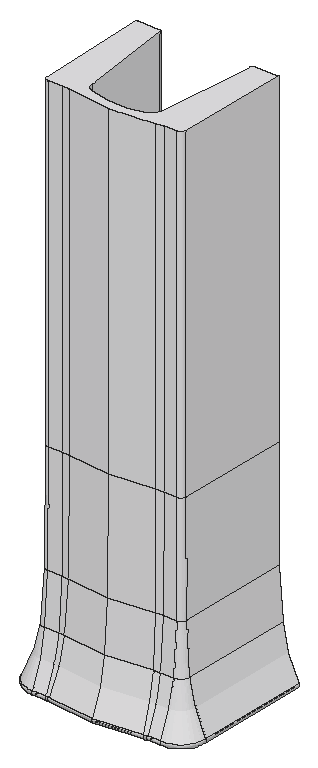
Revit family "Sink-Pedestal-KOHLER-Archer-K-2357X_1", category Specialty Equipment, host Face, Revit 2017
Family settings
  Host = Face
  Round Connector Dimension = Use Diameter
  Part Type = Normal
  OmniClass Number = 23.31.25.00
  OmniClass Title = Toilet and Bath Specialties
  Cut with Voids When Loaded = No
  Shared = No
  Room Calculation Point = No
Parameters (values of type "0-White")
  Width = 9 95/256"  # constant formula
  WaterSense Certified = 1 = 0  # no
  URL = "https://www.kohler.co.th/"
  Type = 1
  Product Page URL = "https://www.kohler.co.th/en/productDetails/2357X?skuid=2357X-0"
  Product Name = "Archer\r\n"  # constant formula
  Product Documentation Link = "http://resources.kohler.com/plumbing/kohlerapac/pdf/1129939-X4-E.pdf"
  Model = "K-2357X-0"  # constant formula
  Material = "Vitreous China"  # constant formula
  Master Format 2014 Name = "Toilet, Bath, and Laundry Accessories"  # constant formula
  Master Format 2014 = "10 28 00"  # constant formula
  Manufacturer Address = "16th Floor, Jasmine City Building 2, Soi Sukhumvit 23, Sukhumvit Road, Khlong Toei Nuea, Watthana, Bangkok 10110\r\n"  # constant formula
  Manufacturer = "KOHLER Co."  # constant formula
  Length = 7 83/256"  # constant formula
  Height = 27 185/256"  # constant formula
  Finish = Kohler-Vitreous_China-0-White
  Environmental Product Declaration = ""
  Description = "Pedestal Only\r\n"  # constant formula
  Default Elevation = 0"
  Declare Label = ""
  Date Modified = "10/06/2020"  # constant formula
  Date Created = "10/06/2020"  # constant formula
  Copyright = "Copyright KOHLER Co."  # constant formula
  Contact Us = "https://www.kohler.co.th/contact-us"
  Assembly Code = "C1030200"
  ADA Compliant = 1 = 0  # no
Reference planes (in)
  plane 1 "Center (Front/Back)": y = 0
  plane 2: z = 0
  plane 3 "Center (Left/Right)": x = 0
  plane 4: y = -2.99213
  plane 5: y = -7.32422
  plane 6: x = -4.68504
  plane 7: x = 4.68605
  plane 8: x = 3.34646
  plane 9: x = -3.34646
  plane 10: z = 27.72266
  plane 11: x = -3.50394
  plane 12: x = 3.50394
Dimensions and locks (in)
  "Width": plane 6 to plane 7
  "Length": plane 5 to plane 1 "Center (Front/Back)"
  locked: plane 9 to plane 8 at 6.69291
  locked: plane 4 to plane 1 "Center (Front/Back)" at 2.99213
  locked: plane 11 to plane 6 at 1.1811
  locked: plane 12 to plane 11 at 7.00787
  "Height": plane 10 to level
  aligned and locked: plane 2 to host face
  aligned and locked: level to host face
Automatic sketch dimensions
  host sketch curve to host sketch curve = 96"  (x2)
Nested families (in)
  nested 1: "K-2357X" at (0, 7.53658, 0) x (1, 0, 0) z (0, -1, 0), type "K-2357X"
Definition of nested family "K-2357X"
  Parameters (values of type "K-2357T")
    Material = none
    Default Elevation = 48"
  Reference planes (in)
    plane 1 "Center (Front/Back)": y = 0
    plane 2: z = 0
    plane 3 "Center (Left/Right)": x = 0
    plane 4: y = 27.72418
    plane 5: z = 7.53658
    plane 6: z = 10.52871
    plane 7: z = 14.85942
    plane 8: x = 4.68504
    plane 9: x = -4.68504
    plane 10: x = -3.34646
    plane 11: x = 3.34646
    plane 12: x = -3.50394
    plane 13: x = 3.50394
  Forms (in)
    Extrusion 1, solid, material <- "Material", detail levels medium+fine
      sketch origin (0, -0.25084, 11.125) x (1, 0, 0) y (0, 0, -1)
        loop
          arc (1.41774, -1.99919) -> (0, -2.21107) -> (-1.41774, -1.99919) r 4.84909
          arc (-1.41774, -1.99919) -> (-1.65483, -1.84077) -> (-1.76511, -1.5778) r 0.49472
          line (-1.76511, -1.5778) -> (-2.29264, 3.44138)
          arc (-2.29264, 3.44138) -> (-2.34607, 3.54624) -> (-2.45595, 3.58842) r 0.1642
          line (-2.45595, 3.58842) -> (-3.55611, 3.58842) -> (-3.45548, -2.1767)
          arc (-3.45548, -2.1767) -> (-3.40215, -2.30084) -> (-3.2771, -2.352) r 0.17841
          line (-3.2771, -2.352) -> (-2.59411, -2.352)
          arc (-2.59411, -2.352) -> (-2.40488, -2.36142) -> (-2.21752, -2.38961) r 1.90406
          arc (-2.21752, -2.38961) -> (-1.11428, -2.55558) -> (0, -2.61109) r 11.21206
          arc (0, -2.61109) -> (1.11435, -2.55557) -> (2.21767, -2.38958) r 11.21206
          arc (2.21767, -2.38958) -> (2.40486, -2.36142) -> (2.59393, -2.352) r 1.9023
          line (2.59393, -2.352) -> (3.2771, -2.352)
          arc (3.2771, -2.352) -> (3.40215, -2.30084) -> (3.45548, -2.1767) r 0.17841
          line (3.45548, -2.1767) -> (3.55611, 3.58842) -> (2.46066, 3.58842)
          arc (2.46066, 3.58842) -> (2.34728, 3.5449) -> (2.29215, 3.4367) r 0.16943
          line (2.29215, 3.4367) -> (1.76511, -1.5778)
          arc (1.76511, -1.5778) -> (1.65483, -1.84077) -> (1.41774, -1.99919) r 0.49472
      from 0.25084 to 27.97503
    Sweep 2, solid, material <- "Material", detail levels medium+fine
      path origin (0, -0.25084, 11.125) x (1, 0, 0) y (0, 0, -1)
        loop
          line (-3.62803, 3.60651) -> (-3.52706, -2.17795)
          arc (-3.52706, -2.17795) -> (-3.45233, -2.3519) -> (-3.2771, -2.42359) r 0.25
          line (-3.2771, -2.42359) -> (-2.59411, -2.42359)
          arc (-2.59411, -2.42359) -> (-2.41199, -2.43266) -> (-2.23168, -2.45979) r 1.83247
          arc (-2.23168, -2.45979) -> (-1.12139, -2.62682) -> (0, -2.68268) r 11.28365
          arc (0, -2.68268) -> (1.12147, -2.62681) -> (2.23183, -2.45976) r 11.28365
          arc (2.23183, -2.45976) -> (2.41198, -2.43265) -> (2.59393, -2.42359) r 1.83071
          line (2.59393, -2.42359) -> (3.2771, -2.42359)
          arc (3.2771, -2.42359) -> (3.45233, -2.3519) -> (3.52706, -2.17795) r 0.25
          line (3.52706, -2.17795) -> (3.62803, 3.60651)
      profile origin (0, -0.25084, 13.80768) x (0, 0, 1) y (0, 1, 0)
        loop
          arc (0.76378, 0.25084) -> (0.79318, 0.25916) -> (0.81386, 0.28166) r 0.05609
          arc (0.81386, 0.28166) -> (0.83344, 0.30296) -> (0.86128, 0.31084) r 0.05312
          line (0.86128, 0.31084) -> (0.90575, 0.31084)
          arc (0.90575, 0.31084) -> (1.03295, 0.38277) -> (1.03688, 0.52884) r 0.14844
          arc (1.03688, 0.52884) -> (0.51469, 1.77084) -> (0.22257, 3.0861) r 7.51819
          arc (0.22257, 3.0861) -> (0.09563, 4.348) -> (0.04097, 5.61509) r 22.196
          arc (0.04097, 5.61509) -> (0.01024, 8.43289) -> (0, 11.25084) r 387.66619
          line (0, 11.25084) -> (0, 27.97503) -> (-0.07159, 27.97503) -> (-0.07159, 0.25084) -> (0.76378, 0.25084)
    Sweep 3, solid, material <- "Material", detail levels coarse
      path origin (0, 0, 0.05083) x (1, 0, 0) y (0, 0, 1)
        loop
          line (4.54173, 7.53658) -> (4.42669, 14.91418) -> (-4.42669, 14.91418) -> (-4.54173, 7.53658)
      profile origin (0, 0, 14.96501) x (0, 0, -1) y (0, -1, 0)
        loop
          line (3.26025, 0) -> (0, 0)
          arc (0, 0) -> (0.83051, -3.03911) -> (1.11029, -6.1772) r 17.73887
          line (1.11029, -6.1772) -> (1.11029, -27.72418) -> (3.26025, -27.72418) -> (3.26025, 0)
    Extrusion 4, solid, material <- "Material", detail levels medium+fine
      sketch origin (0, 0, 0) x (1, 0, 0) y (0, 0, 1)
        loop
          arc (1.48024, 13.18669) -> (0.0532, 13.39856) -> (-1.37301, 13.18122) r 4.84909
          arc (-1.37301, 13.18122) -> (-1.68952, 12.96842) -> (-1.83667, 12.61655) r 0.66381
          line (-1.83667, 12.61655) -> (-2.3706, 7.53658) -> (2.37717, 7.53658) -> (1.82761, 12.7653)
          arc (1.82761, 12.7653) -> (1.71733, 13.02827) -> (1.48024, 13.18669) r 0.49472
        loop
          circle (0, 10.52871) r 0.25591
      from -0.12811 to 0
    Extrusion 5, solid, material <- "Material", detail levels coarse
      sketch origin (0, 0, 0) x (1, 0, 0) y (0, 0, 1)
        loop
          line (-1.28187, 7.53658) -> (1.28187, 7.53658) -> (1.21688, 11.70476) -> (-1.21688, 11.70476) -> (-1.28187, 7.53658)
      from -0.1601 to 0
  Cuts and joins
    joined: Extrusion 1, Sweep 2, Extrusion 4
    joined: Sweep 3, Extrusion 5
  Lines and regions (in)
    Masking region 1
      outline origin (0, 0, 0) x (0, 1, 0) y (0, 0, 1)
        loop
          line (27.72418, 13.79849) -> (8.34646, 13.79849)
          arc (8.34646, 13.79849) -> (6.0471, 13.84013) -> (3.75076, 13.96499) r 63.507
          arc (3.75076, 13.96499) -> (1.96968, 14.25253) -> (0.26603, 14.84624) r 10.30681
          arc (0.26603, 14.84624) -> (0.11338, 14.82702) -> (0.06076, 14.68244) r 0.1476
          arc (0.06076, 14.68244) -> (0.05603, 14.64179) -> (0.02826, 14.61174) r 0.06604
          arc (0.02826, 14.61174) -> (0.00759, 14.59149) -> (0, 14.56356) r 0.0552
          line (0, 14.56356) -> (0, 7.53658) -> (27.72418, 7.53658) -> (27.72418, 13.79849)
    Masking region 2
      outline origin (0, 0, 0) x (1, 0, 0) y (0, 1, 0)
        loop
          line (3.50112, 27.72418) -> (-3.50351, 27.72418) -> (-3.62803, 11)
          arc (-3.62803, 11) -> (-3.66025, 7.4068) -> (-3.7569, 3.81476) r 200.37779
          arc (-3.7569, 3.81476) -> (-3.92185, 2.41184) -> (-4.3114, 1.05404) r 8.71028
          arc (-4.3114, 1.05404) -> (-4.47375, 0.66504) -> (-4.66275, 0.28826) r 6.05909
          arc (-4.66275, 0.28826) -> (-4.65252, 0.12201) -> (-4.49827, 0.05917) r 0.15648
          arc (-4.49827, 0.05917) -> (-4.46398, 0.05412) -> (-4.43952, 0.02957) r 0.055
          arc (-4.43952, 0.02957) -> (-4.41981, 0.00799) -> (-4.3917, 0) r 0.05346
          line (-4.3917, 0) -> (0, 0) -> (4.3917, 0)
          arc (4.3917, 0) -> (4.41981, 0.00799) -> (4.43952, 0.02957) r 0.05346
          arc (4.43952, 0.02957) -> (4.46398, 0.05412) -> (4.49827, 0.05917) r 0.055
          arc (4.49827, 0.05917) -> (4.65252, 0.12201) -> (4.66275, 0.28826) r 0.15648
          arc (4.66275, 0.28826) -> (4.47375, 0.66504) -> (4.3114, 1.05404) r 6.05909
          arc (4.3114, 1.05404) -> (3.92185, 2.41184) -> (3.7569, 3.81476) r 8.71028
          arc (3.7569, 3.81476) -> (3.66025, 7.4068) -> (3.62803, 11) r 200.37779
          line (3.62803, 11) -> (3.50112, 27.72418)
    Masking region 3
      outline origin (0, 0, 0) x (1, 0, 0) y (0, 0, 1)
        loop
          line (-4.68504, 7.53689) -> (4.68504, 7.53689) -> (4.58417, 13.31594)
          arc (4.58417, 13.31594) -> (4.192, 14.22872) -> (3.27251, 14.6049) r 1.31186
          line (3.27251, 14.6049) -> (2.54375, 14.6049)
          arc (2.54375, 14.6049) -> (0, 14.85942) -> (-2.54375, 14.6049) r 12.8388
          line (-2.54375, 14.6049) -> (-3.27251, 14.6049)
          arc (-3.27251, 14.6049) -> (-4.192, 14.22872) -> (-4.58417, 13.31594) r 1.31186
          line (-4.58417, 13.31594) -> (-4.68504, 7.53689)
        loop
          circle (0, 10.52871) r 0.25591
    symbolic lines, detail levels medium+fine
      curve 1: line (0, 0.06076, 14.65631) -> (0, 0.06076, 7.53558)
      curve 2: line (0, 0.26603, 14.84624) -> (0, 0.26603, 7.53558)
      curve 3: line (0, 27.72418, 13.51461) -> (0, 8.34646, 13.51461)
      curve 4: arc (0, 8.34646, 13.51461) -> (0, 6.25516, 13.55694) -> (0, 4.16728, 13.68387) r 51.67829
      curve 5: arc (0, 4.16728, 13.68387) -> (0, 2.94154, 13.835) -> (0, 1.73265, 14.08777) r 14.805
      curve 6: arc (0, 1.73265, 14.08777) -> (0, 0.98785, 14.31207) -> (0, 0.26603, 14.60194) r 8.70885
      curve 7: arc (0, 0.26603, 14.60194) -> (0, 0.13298, 14.59552) -> (0, 0.06076, 14.4836) r 0.1457
      curve 8: arc (0, 0.06076, 14.4836) -> (0, 0.05071, 14.45988) -> (0, 0.02894, 14.4461) r 0.04321
      curve 9: arc (0, 0.02894, 14.4461) -> (0, 0.00763, 14.43159) -> (0, 0, 14.40697) r 0.03907
      curve 10: line (-4.49827, 0.05917, 0) -> (4.49827, 0.05917, 0)
      curve 11: line (4.66275, 0.28826, 0) -> (-4.66275, 0.28826, 0)
      curve 12: line (-3.1113, 27.72418, 0) -> (-3.1113, 10.31496, 0)
      curve 13: arc (-3.1113, 10.31496, 0) -> (-3.14579, 7.40265, 0) -> (-3.24923, 4.49198, 0) r 122.98326
      curve 14: arc (-3.24923, 4.49198, 0) -> (-3.42013, 2.93783, 0) -> (-3.78243, 1.41686, 0) r 12.58467
      curve 15: arc (-3.78243, 1.41686, 0) -> (-3.97511, 0.84634, 0) -> (-4.20132, 0.28826, 0) r 10.14047
      curve 16: arc (-4.20132, 0.28826, 0) -> (-4.20993, 0.16187, 0) -> (-4.13576, 0.05917, 0) r 0.18638
      curve 17: arc (-4.13576, 0.05917, 0) -> (-4.12611, 0.0474, 0) -> (-4.12433, 0.03229, 0) r 0.02706
      curve 18: arc (-4.12433, 0.03229, 0) -> (-4.11518, 0.00616, 0) -> (-4.08819, 0, 0) r 0.02863
      curve 19: line (3.1113, 27.72418, 0) -> (3.1113, 10.31496, 0)
      curve 20: arc (3.1113, 10.31496, 0) -> (3.14579, 7.40265, 0) -> (3.24923, 4.49198, 0) r 122.98326
      curve 21: arc (3.24923, 4.49198, 0) -> (3.42013, 2.93783, 0) -> (3.78243, 1.41686, 0) r 12.58467
      curve 22: arc (3.78243, 1.41686, 0) -> (3.97511, 0.84634, 0) -> (4.20132, 0.28826, 0) r 10.14047
      curve 23: arc (4.20132, 0.28826, 0) -> (4.20993, 0.16187, 0) -> (4.13576, 0.05917, 0) r 0.18638
      curve 24: arc (4.13576, 0.05917, 0) -> (4.12611, 0.0474, 0) -> (4.12433, 0.03229, 0) r 0.02706
      curve 25: arc (4.12433, 0.03229, 0) -> (4.11518, 0.00616, 0) -> (4.08819, 0, 0) r 0.02863
      curve 26: line (3.62803, 0, 7.51849) -> (3.34547, 0, 13.32326)
      curve 27: line (3.1089, 0, 13.54859) -> (2.59393, 0, 13.54859)
      curve 28: arc (0, 0, 13.80768) -> (1.12147, 0, 13.75181) -> (2.23183, 0, 13.58476) r 11.28365
      curve 29: arc (2.23183, 0, 13.58476) -> (2.41198, 0, 13.55765) -> (2.59393, 0, 13.54859) r 1.83071
      curve 30: arc (-2.23168, 0, 13.58479) -> (-1.12139, 0, 13.75182) -> (0, 0, 13.80768) r 11.28365
      curve 31: arc (-2.59411, 0, 13.54859) -> (-2.41199, 0, 13.55766) -> (-2.23168, 0, 13.58479) r 1.83247
      curve 32: line (-2.59411, 0, 13.54859) -> (-3.147, 0, 13.54859)
      curve 33: line (-3.34362, 0, 13.36131) -> (-3.62803, 0, 7.51849)
      curve 34: line (1.76511, 0, 12.7028) -> (2.29797, 0, 7.63294)
      curve 35: arc (1.76511, 0, 12.7028) -> (1.65483, 0, 12.96577) -> (1.41774, 0, 13.12419) r 0.49472
      curve 36: arc (1.41774, 0, 13.12419) -> (0, 0, 13.33607) -> (-1.41774, 0, 13.12419) r 4.84909
      curve 37: arc (-1.41774, 0, 13.12419) -> (-1.65483, 0, 12.96577) -> (-1.76511, 0, 12.7028) r 0.49472
      curve 38: line (-2.29797, 0, 7.63294) -> (-1.76511, 0, 12.7028)
      curve 39: arc (-2.29797, 0, 7.63294) -> (-2.31387, 0, 7.58002) -> (-2.34803, 0, 7.53658) r 0.14844
      curve 40: arc (2.34803, 0, 7.53658) -> (2.31387, 0, 7.58002) -> (2.29797, 0, 7.63294) r 0.14844
      curve 41: arc (-3.34362, 0, 13.36131) -> (-3.28277, 0, 13.49427) -> (-3.147, 0, 13.54859) r 0.19685
      curve 42: arc (3.34547, 0, 13.32326) -> (3.27226, 0, 13.48324) -> (3.1089, 0, 13.54859) r 0.23685
  Dimensions and locks (in)
    plane 5 to plane 6 = 2.99213"
    plane 5 to plane 7 = 7.32283"
    plane 8 to plane 9 = 9.37008"
    plane 10 to plane 11 = 6.69291"
    plane 9 to plane 8 = 9.37008"
    plane 9 to plane 12 = 1.1811"
    plane 12 to plane 13 = 7.00787"
    aligned and locked: plane 2 to level
